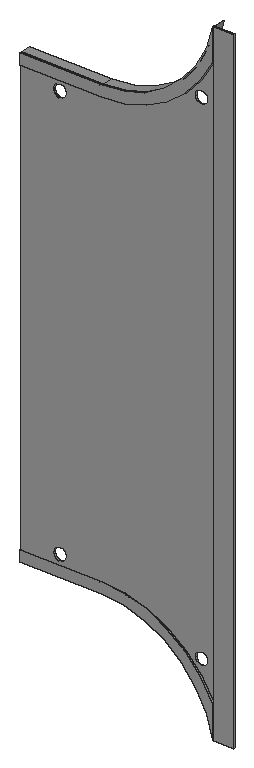
Revit family "Deckel Anbau-Abzweigstück - DFAA 600 FT SO", category Generic Models, Revit 2017
Family settings
  Can host rebar = No
  Round Connector Dimension = Use Diameter
  Part Type = Normal
  Work Plane-Based = No
  Always vertical = Yes
  Cut with Voids When Loaded = No
  Shared = No
  Room Calculation Point = No
Parameters (values of type "DFAA 600 FT SO")
  URL = "http://www.obo-bettermann.com"
  Material = Hot dip galvanised
  Manufacturer Art.No. = "7196228"
  Manufacturer = "OBO BETTERMANN"
  GTIN = "4012196697250"
  Article Type = "DFAA 600 FT SO"
Reference planes
  plane 1 "Center (Front/Back)": y = 0
  plane 2: z = 0
  plane 3 "Center (Left/Right)": x = 0
  plane 4: x = 282
  plane 5: x = 254.5
  plane 6: y = -1.5
  plane 7: z = 841
  plane 8: z = 720.5
  plane 9: z = 120.5
  plane 10: y = -2.5
  plane 11: y = 15.3
  plane 12: y = -1.167
  plane 13: y = -2.5
  plane 14: y = -2.5
  plane 15: y = -2.5
  plane 16: x = 52.5
  plane 17: x = 238.5
  plane 18: z = 420.5
  plane 19: z = 420.5
  plane 20: x = 52.5
  plane 21: x = 238.5
  plane 22: z = 420.5
Forms (mm)
  Extrusion 1, solid, material "Hot dip galvanised" <- "Material"
    sketch origin (0, 0, 0) x (1, 0, 0) y (0, 1, 0)
      loop
        line (0, 0) -> (254.5, 0) -> (256, -1.5) -> (282, -1.5) -> (282, -0.2) -> (256.538, -0.2) -> (255.038, 1.3) -> (0, 1.3) -> (0, 0)
    from 0 to 841
  Extrusion 2, void
    sketch origin (0, 0, 0) x (1, 0, 0) y (0, 0, 1)
      loop
        line (0, 720.5) -> (107.429, 720.5)
        arc (107.429, 720.5) -> (202.495, 754.472) -> (254.5, 841) r 150
        line (254.5, 841) -> (0, 841) -> (0, 720.5)
      loop
        line (0, 120.5) -> (0, 0) -> (254.5, 0)
        arc (254.5, 0) -> (202.495, 86.528) -> (107.429, 120.5) r 150
        line (107.429, 120.5) -> (0, 120.5)
    from 0 to -1.3
  Extrusion 3, solid, material "Hot dip galvanised" <- "Material"
    sketch origin (0, 0, 0) x (1, 0, 0) y (0, 0, 1)
      loop
        line (0, 720.5) -> (0, 719.5) -> (107.429, 719.5)
        arc (107.429, 719.5) -> (203.207, 753.762) -> (255.52, 841) r 151
        line (255.52, 841) -> (254.5, 841)
        arc (254.5, 841) -> (202.495, 754.472) -> (107.429, 720.5) r 150
        line (107.429, 720.5) -> (0, 720.5)
      loop
        line (0, 120.5) -> (107.429, 120.5)
        arc (107.429, 120.5) -> (202.495, 86.528) -> (254.5, 0) r 150
        line (254.5, 0) -> (255.52, 0)
        arc (255.52, 0) -> (203.207, 87.238) -> (107.429, 121.5) r 151
        line (107.429, 121.5) -> (0, 121.5) -> (0, 120.5)
    from -1.3 to -15.3
  Extrusion 4, solid, material "Hot dip galvanised" <- "Material"
    sketch origin (0, 0, 0) x (1, 0, 0) y (0, 0, 1)
      loop
        line (0, 720.5) -> (0, 706.5) -> (107.429, 706.5)
        arc (107.429, 706.5) -> (194.017, 731.221) -> (254.5, 797.931) r 164
        line (254.5, 797.931) -> (254.5, 841)
        arc (254.5, 841) -> (202.495, 754.472) -> (107.429, 720.5) r 150
        line (107.429, 720.5) -> (0, 720.5)
      loop
        line (0, 120.5) -> (107.429, 120.5)
        arc (107.429, 120.5) -> (202.495, 86.528) -> (254.5, 0) r 150
        line (254.5, 0) -> (254.5, 43.069)
        arc (254.5, 43.069) -> (194.017, 109.779) -> (107.429, 134.5) r 164
        line (107.429, 134.5) -> (0, 134.5) -> (0, 120.5)
    from -0.083 to 1.276
  Extrusion 5, void
    sketch origin (0, 0, 0) x (1, 0, 0) y (0, 0, 1)
      loop
        circle (52.445, 147.5) r 8.25
      loop
        circle (238.5, 89.6) r 8.25
    from 1.5 to -1.3
  Extrusion 6, void
    sketch origin (0, 0, 841) x (1, 0, 0) y (0, 0, 1)
      loop
        circle (52.445, -147.5) r 8.25
      loop
        circle (238.5, -89.6) r 8.25
    from 1.5 to -1.3
Cuts and joins
  Extrusion 2, Extrusion 5, Extrusion 6 cuts Extrusion 1
Dimensions and locks
  locked: plane 6 to plane 1 "Center (Front/Back)" at 1.5
  locked: Extrusion 1 sketch curve to Extrusion 1 sketch curve at 1.5
  locked: Extrusion 1 sketch curve to Extrusion 1 sketch curve at 1.3
  locked: Extrusion 1 sketch curve to Extrusion 1 sketch curve at 282
  locked: plane 7 to level at 841
  locked: cut or joined group of Extrusion 1, Extrusion 2, Extrusion 5, Extrusion 6 to plane 10 at 1
  locked: Extrusion 3 sketch curve to Extrusion 3 sketch curve at 282.936
  locked: Extrusion 3 sketch curve to Extrusion 3 sketch curve at 282.508
  locked: plane 11 to cut or joined group of Extrusion 1, Extrusion 2, Extrusion 5, Extrusion 6 at 14
  locked: cut or joined group of Extrusion 1, Extrusion 2, Extrusion 5, Extrusion 6 to Extrusion 4 sketch curve at 14
  locked: Extrusion 4 sketch curve to cut or joined group of Extrusion 1, Extrusion 2, Extrusion 5, Extrusion 6 at 14
  locked: cut or joined group of Extrusion 1, Extrusion 2, Extrusion 5, Extrusion 6 to Extrusion 4 sketch curve at 254.5  (x2)
  locked: cut or joined group of Extrusion 1, Extrusion 2, Extrusion 5, Extrusion 6 to plane 13 at 1
  Extrusion 4 to plane 12 = 1.25 mm
  locked: cut or joined group of Extrusion 1, Extrusion 2, Extrusion 5, Extrusion 6 to plane 16 at 52.5
  locked: plane 16 to Extrusion 5 sketch curve at 0.055
  locked: Extrusion 5 sketch curve to plane 16 at 8.195
  locked: plane 17 to plane 16 at 186
  locked: plane 17 to Extrusion 5 sketch curve at 0
  locked: Extrusion 5 sketch curve to plane 17 at 8.25
  Extrusion 4 to Extrusion 4 = 600 mm
  locked: Extrusion 4 to plane 18 at 300
  locked: Extrusion 4 to plane 19 at 300
  locked: plane 20 to Extrusion 6 sketch curve at 0.055
  locked: Extrusion 6 sketch curve to plane 20 at 8.195
  locked: plane 21 to plane 20 at 186
  locked: plane 21 to Extrusion 6 sketch curve at 0
  locked: Extrusion 6 sketch curve to plane 21 at 8.25
  aligned and locked: level to plane 2
  aligned and locked: plane 1 "Center (Front/Back)" to Extrusion 1 sketch curve
  aligned and locked: plane 7 to Extrusion 1
  aligned and locked: Extrusion 1 to plane 3 "Center (Left/Right)"
  aligned and locked: Extrusion 1 to level
  aligned and locked: Extrusion 1 to Extrusion 2
  aligned and locked: plane 1 "Center (Front/Back)" to Extrusion 1
  aligned and locked: Extrusion 3 to cut or joined group of Extrusion 1, Extrusion 2, Extrusion 5, Extrusion 6
  aligned and locked: Extrusion 3 to plane 11
  aligned and locked: cut or joined group of Extrusion 1, Extrusion 2, Extrusion 5, Extrusion 6 to Extrusion 4 sketch curve
  aligned and locked: Extrusion 1 to Extrusion 5  (x2)
Automatic sketch dimensions
  Extrusion 1 sketch curve to plane 3 "Center (Left/Right)" = 0 mm
  Extrusion 1 sketch curve to plane 5 = 0 mm
  Extrusion 1 sketch curve to plane 6 = 0 mm
  plane 5 to Extrusion 1 sketch curve = 0.538 mm
  plane 5 to Extrusion 1 sketch curve = 1.5 mm
  Extrusion 1 sketch curve to Extrusion 1 sketch curve = 0.538 mm
  Extrusion 2 sketch curve to plane 3 "Center (Left/Right)" = 0 mm  (x2)
  Extrusion 2 sketch curve to plane 8 = 0 mm
  Extrusion 2 sketch curve to plane 9 = 0 mm
  Extrusion 2 sketch curve to level = 0 mm
  Extrusion 2 sketch curve to plane 7 = 0 mm
  Extrusion 2 sketch curve to Extrusion 2 sketch curve = 107.429 mm
  plane 7 to Extrusion 2 sketch curve = 29.5 mm
  plane 3 "Center (Left/Right)" to Extrusion 2 sketch curve = 107.429 mm
  Extrusion 2 sketch curve to Extrusion 2 sketch curve = 147.071 mm
  Extrusion 3 sketch curve to Extrusion 3 sketch curve = 0 mm  (x4)
  Extrusion 3 sketch curve to plane 3 "Center (Left/Right)" = 0 mm  (x2)
  Extrusion 3 sketch curve to plane 8 = 0 mm
  Extrusion 3 sketch curve to plane 9 = 0 mm
  Extrusion 3 sketch curve to plane 7 = 0 mm
  Extrusion 3 sketch curve to level = 0 mm
  Extrusion 3 sketch curve to level = 29.5 mm
  plane 3 "Center (Left/Right)" to Extrusion 3 sketch curve = 107.429 mm  (x2)
  Extrusion 3 sketch curve to Extrusion 3 sketch curve = 1.02 mm
  Extrusion 4 sketch curve to Extrusion 4 sketch curve = 0 mm  (x4)
  Extrusion 4 sketch curve to plane 3 "Center (Left/Right)" = 0 mm  (x2)
  Extrusion 4 sketch curve to plane 8 = 0 mm
  Extrusion 4 sketch curve to plane 9 = 0 mm
  Extrusion 4 sketch curve to level = 0 mm
  Extrusion 4 sketch curve to plane 7 = 0 mm
  plane 3 "Center (Left/Right)" to Extrusion 4 sketch curve = 107.429 mm
  Extrusion 4 sketch curve to level = 29.5 mm
  Extrusion 5 sketch curve to plane 9 = 30.9 mm
  plane 9 to Extrusion 5 sketch curve = 27 mm
  Extrusion 6 sketch curve to plane 8 = 30.9 mm
  plane 8 to Extrusion 6 sketch curve = 27 mm
